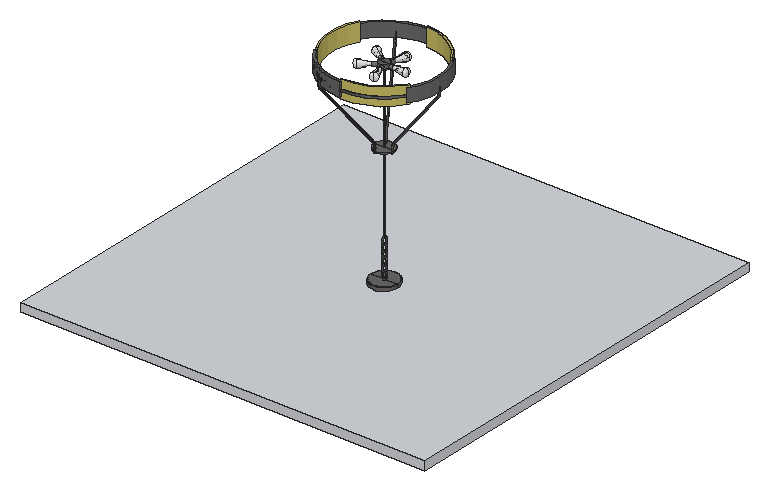
Revit family "P500330-031", category Lighting Fixtures, host Face, Revit 2021
Family settings
  Host = Face
  Round Connector Dimension = Use Diameter
  Part Type = Normal
  OmniClass Number = 23.80.70.11.14.17
  OmniClass Title = Direct/Indirect
  Cut with Voids When Loaded = No
  Light Source = No
  Shared = Yes
  Room Calculation Point = No
Parameters (values of type "P500330-031")
  Wood = Hubbell - Oak
  Height = 20.00"
  Watts = 60 W
  Wattage Comments = "60W"
  Warranty = "1 year Warranty"  # constant formula
  Voltage = 120 V
  URL = "https://www.hubbell.com/progresslighting/en"
  Product Link = "https://www.hubbell.com/progresslighting/en/Products/Lighting-Controls/Design-Series/Pendants/Lowery-Collection-Five-Light-Textured-BlackDistressed-Gold-Hanging-Pendant-Light/p/6643573"
  Product Documentation Link = "https://hubbellcdn.com/specsheet/PROG_P500330-031_spec.pdf"
  Power Factor = 1
  Model = "P500330-031"  # constant formula
  Manufacturer = "Progress Lighting"  # constant formula
  Load Classification = Lighting
  Length = 26.00"
  Gold = Hubbell - Gold
  Glass = Paint - Hubbell - White Texture
  Lamp = "LED/CFL/incandescent"  # constant formula
  Housing Material = Paint - Hubbell - Textured Camera Black
  Fixture distribution = "Direct"  # constant formula
  Features = "Application: Raise the bar on contemporary design with the Lowery Collection 5-Light Black/Distressed Gold Modern Hanging Pendant Light is ideal for any foyer, dining room, kitchen, breakfast nook, entryway, living room, or sitting room.\r\nStyles: Perfect for contemporary and modern style settings.\r\nFinish: Layered rectangular shields coated in a textured black iron finish are artistically combined with distressed gold leaf panels against a black frame.\r\nMaterials: Constructed from steel to ensure a long product lifespan.\r\nGlass/Shades: Light sources glowing from inside the structure cast a shimmering reflective light that highlights the beautiful contrast between light and dark.\r\nBulbs: For ideal illumination, use 5 medium base bulbs that are sold separately (60w max - LED/CFL/incandescent). Compatible with dimmable bulbs.\r\nDimensions: Measures 26-inch diameter by 20-inch height.\r\nCertifications: cULus dry location listed.\r\nPairs With: Pairs with the Adagio, Orrizo, and Rae collections from Progress Lighting.\r\nWarranty: Our 1-Year Limited Warranty guarantees your complete satisfaction with your purchase and includes professional after-sales customer service support."  # constant formula
  Description = "Lowery Collection Five-Light Textured Black/Distressed Gold Hanging Pendant Light"  # constant formula
  Default Elevation = 48.00"
  Copyright = " ©2021 Progress Lighting, a division of Hubbell Lighting, Inc"  # constant formula
  Contact = "https://www.hubbell.com/progresslighting/en/contactUs"
  Connector Description = "Lighting Connector"  # constant formula
  Assembly Code = "D5020200"
  Apparent Load = Watts / Power Factor  # 60 VA
Reference planes (in)
  plane 1 "Center (Front/Back)": y = 0
  plane 2: z = 0
  plane 3 "Center (Left/Right)": x = 0
  plane 4: z = 10.50759
  plane 5: y = -10
  plane 6: y = 10
  plane 7: z = 7
  plane 8: x = 13
  plane 9: x = -13
  plane 10: z = 48.82477
  plane 11: z = 28.82477
Forms (in)
  Extrusion 1, solid
    sketch origin (0, 0, 0) x (1, 0, 0) y (0, 1, 0)
      loop
        line (-48, 48) -> (-48, -48) -> (48, -48) -> (48, 48) -> (-48, 48)
    from 0 to -2
  Revolve 2, solid, material "Paint - Hubbell - White Texture"
    sketch origin (-5.10009, 0.01845, 46.6655) x (-0.017452, 0, -0.999848) y (-0.999848, 0, 0.017452)
      loop
        line (0, -7.43773) -> (0, -10.88567)
        spline (0, -10.88567) -> (0.23268, -10.84139) -> (0.40729, -10.80851) -> (0.53541, -10.78211) -> (0.62864, -10.75725) -> (0.69856, -10.72901) -> (0.75513, -10.69321) -> (0.80225, -10.64855) -> (0.84239, -10.59435) -> (0.87804, -10.5299) -> (0.90917, -10.45074) -> (0.93134, -10.3457) -> (0.93968, -10.20295)
        line (0.93968, -10.20295) -> (0.40218, -7.43773) -> (0, -7.43773)
      axis (0, -10.88567) -> (0, -7.43773)
    angle from 0 to 360
  Revolve 3, solid, material "Paint - Hubbell - White Texture" <- "Glass"
    sketch origin (-5.10009, 0.01845, 46.6655) x (-0.017452, 0, -0.999848) y (-0.999848, 0, 0.017452)
      loop
        line (0, -7.43773) -> (-0.14062, -7.43773) -> (-0.14062, -7.68773) -> (-0.3174, -7.86451) -> (-0.3174, -8.11451) -> (-0.0674, -8.11451) -> (-0.0674, -10.36451) -> (-0.0674, -10.55091)
        arc (-0.0674, -10.55091) -> (-0.07712, -10.57767) -> (-0.10174, -10.59197) r 0.04171
        arc (-0.10174, -10.59197) -> (-0.13207, -10.62395) -> (-0.11058, -10.66244) r 0.0372
        line (-0.11058, -10.66244) -> (0, -10.66244) -> (0, -10.56087) -> (0, -7.43773)
      axis (0, -7.43773) -> (0, -10.66244)
    angle from 0 to 360
  Revolve 4, solid, material "Hubbell - Gold" <- "Gold"
    sketch origin (-5.10009, 0.01845, 46.6655) x (-0.017452, 0, -0.999848) y (-0.999848, 0, 0.017452)
      loop
        line (-0.47346, -8.28115) -> (-0.51834, -8.28115) -> (-0.66547, -10.3852) -> (-0.62059, -10.3852) -> (-0.47346, -8.28115)
      axis (-0.62081, -10.38832) -> (-0.47346, -8.28115)
    angle from 0 to 360
  Revolve 5, solid, material "Hubbell - Gold" <- "Gold"
    sketch origin (-5.10009, 0.01845, 46.6655) x (0.017452, 0, 0.999848) y (0.999848, 0, -0.017452)
      loop
        line (-0.47346, 8.28115) -> (-0.62235, 10.41041) -> (-0.66723, 10.41041) -> (-0.51834, 8.28115) -> (-0.47346, 8.28115)
      axis (-0.62257, 10.41353) -> (-0.47346, 8.28115)
    angle from 0 to 360
  Sweep 6, solid, material "Paint - Hubbell - White Texture" <- "Glass"
    path origin (-5.60031, 0.01845, 46.65765) x (-0.017452, 0, -0.999848) y (-0.999848, 0, 0.017452)
      loop
        line (0.61067, -10.88516) -> (0.61067, -10.98257)
        arc (0.61067, -10.98257) -> (0.57513, -11.06837) -> (0.48933, -11.10391) r 0.12134
        line (0.48933, -11.10391) -> (0.04812, -11.10391)
    profile origin (5.32124, 0.01845, 45.85625) x (-0.017452, 0, -0.999848) y (0, 1, 0)
      loop
        circle (0, 0.00095) r 0.031
  Sweep 7, solid, material "Paint - Hubbell - White Texture" <- "Glass"
    path origin (-5.59973, 0.01845, 46.69079) x (0.017452, 0, 0.999848) y (0.999848, 0, -0.017452)
      loop
        line (0.61067, 10.88516) -> (0.61067, 10.98257)
        arc (0.61067, 10.98257) -> (0.57513, 11.06837) -> (0.48933, 11.10391) r 0.12134
        line (0.48933, 11.10391) -> (0.04812, 11.10391)
    profile origin (5.34313, 0.01845, 47.11055) x (-0.017452, 0, -0.999848) y (0, 1, 0)
      loop
        circle (0, 0.00095) r 0.031
  Sweep 8, solid, material "Paint - Hubbell - White Texture" <- "Glass"
    path origin (-5.60003, 0.03597, 46.67327) x (0, 1, 0) y (-0.999848, 0, 0.017452)
      loop
        line (0.61067, -10.88516) -> (0.61067, -10.98257)
        arc (0.61067, -10.98257) -> (0.57513, -11.06837) -> (0.48933, -11.10391) r 0.12134
        line (0.48933, -11.10391) -> (0.04812, -11.10391)
    profile origin (5.33217, 0.64664, 46.48245) x (0, 1, 0) y (0.017452, 0, 0.999848)
      loop
        circle (0, 0.00095) r 0.031
  Sweep 9, solid, material "Paint - Hubbell - White Texture" <- "Glass"
    path origin (-5.60003, 0.00283, 46.67327) x (0, -1, 0) y (0.999848, 0, -0.017452)
      loop
        line (0.61067, 10.88516) -> (0.61067, 10.98257)
        arc (0.61067, 10.98257) -> (0.57513, 11.06837) -> (0.48933, 11.10391) r 0.12134
        line (0.48933, 11.10391) -> (0.04812, 11.10391)
    profile origin (5.33217, -0.60784, 46.48245) x (0, 1, 0) y (0.017452, 0, 0.999848)
      loop
        circle (0, 0.00095) r 0.031
  Sweep 10, solid, material "Paint - Hubbell - White Texture" <- "Glass"
    path origin (14.13094, 0.01845, 46.31324) x (-0.017452, 0, -0.999848) y (-0.999848, 0, 0.017452)
      loop
        line (0.45442, 10.88516) -> (0.45442, 10.98257)
        arc (0.45442, 10.98257) -> (0.41888, 11.06837) -> (0.33308, 11.10391) r 0.12134
        line (0.33308, 11.10391) -> (0.04812, 11.10391)
    profile origin (3.19081, 0.01845, 46.04971) x (0.017452, 0, 0.999848) y (0, 1, 0)
      loop
        circle (0, 0.00095) r 0.031
  Sweep 11, solid, material "Paint - Hubbell - White Texture" <- "Glass"
    path origin (14.13152, 0.01845, 46.34638) x (0.017452, 0, 0.999848) y (0.999848, 0, -0.017452)
      loop
        line (0.45442, -10.88516) -> (0.45442, -10.98257)
        arc (0.45442, -10.98257) -> (0.41888, -11.06837) -> (0.33308, -11.10391) r 0.12134
        line (0.33308, -11.10391) -> (0.04812, -11.10391)
    profile origin (3.20725, 0.01845, 46.99156) x (0.017452, 0, 0.999848) y (0, 1, 0)
      loop
        circle (0, 0.00095) r 0.031
  Sweep 12, solid, material "Paint - Hubbell - White Texture" <- "Glass"
    path origin (14.13121, 0.03597, 46.32886) x (0, 1, 0) y (-0.999848, 0, 0.017452)
      loop
        line (0.45442, 10.88516) -> (0.45442, 10.98257)
        arc (0.45442, 10.98257) -> (0.41888, 11.06837) -> (0.33308, 11.10391) r 0.12134
        line (0.33308, 11.10391) -> (0.04812, 11.10391)
    profile origin (3.19901, 0.49039, 46.51969) x (0, -1, 0) y (0.017452, 0, 0.999848)
      loop
        circle (0, 0.00095) r 0.031
  Sweep 13, solid, material "Paint - Hubbell - White Texture" <- "Glass"
    path origin (14.13121, 0.00283, 46.32886) x (0, -1, 0) y (0.999848, 0, -0.017452)
      loop
        line (0.45442, -10.88516) -> (0.45442, -10.98257)
        arc (0.45442, -10.98257) -> (0.41888, -11.06837) -> (0.33308, -11.10391) r 0.12134
        line (0.33308, -11.10391) -> (0.04812, -11.10391)
    profile origin (3.19901, -0.45159, 46.51969) x (0, -1, 0) y (0.017452, 0, 0.999848)
      loop
        circle (0, 0.00095) r 0.031
  Revolve 14, solid, material "Hubbell - Gold" <- "Gold"
    sketch origin (-5.10013, 0.01648, 46.66352) x (0, 1, 0) y (-0.999848, 0, 0.017452)
      loop
        line (-0.47346, -8.28115) -> (-0.51834, -8.28115) -> (-0.66489, -10.37691) -> (-0.62001, -10.37691) -> (-0.47346, -8.28115)
      axis (-0.62023, -10.38004) -> (-0.47346, -8.28115)
    angle from 0 to 360
  Revolve 15, solid, material "Hubbell - Gold" <- "Gold"
    sketch origin (-5.10013, 0.01648, 46.66352) x (0, -1, 0) y (0.999848, 0, -0.017452)
      loop
        line (-0.47346, 8.28115) -> (-0.62235, 10.41041) -> (-0.66723, 10.41041) -> (-0.51834, 8.28115) -> (-0.47346, 8.28115)
      axis (-0.62257, 10.41353) -> (-0.47346, 8.28115)
    angle from 0 to 360
  Revolve 16, solid, material "Paint - Hubbell - Textured Camera Black" <- "Housing Material"
    sketch origin (0, 0, 0) x (1, 0, 0) y (0, 0, 1)
      loop
        line (0, 0) -> (3.25, 0) -> (3.25, 0.75) -> (3.15389, 0.75) -> (3.15389, 0.83366) -> (0.3208, 0.83366) -> (0.3208, 1.08366) -> (0, 1.08366) -> (0, 0)
      loop
        line (0.1333, 9.7335) -> (0.1333, 28.71881) -> (2.3833, 28.71881) -> (2.3833, 28.86881) -> (0.1333, 28.86881) -> (0.1333, 30.5) -> (0.1333, 46.04564) -> (1.27958, 46.04564) -> (1.34959, 46.04564) -> (1.34959, 46.1435) -> (1.27958, 46.1435) -> (1.27958, 47) -> (0.1333, 47) -> (0, 47) -> (0, 9.7335) -> (0.1333, 9.7335)
      axis (0, 47) -> (0, 0)
    angle from 0 to 360
  Sweep 17, solid, material "Paint - Hubbell - Textured Camera Black" <- "Housing Material"
    path origin (0, 0, 0) x (1, 0, 0) y (0, 0, 1)
      loop
        line (13, 47) -> (13, 44.68041)
        arc (13, 44.68041) -> (12.9319, 44.27345) -> (12.73501, 43.91083) r 1.25
        line (12.73501, 43.91083) -> (2.48143, 30.78684)
        arc (2.48143, 30.78684) -> (2.06287, 30.01596) -> (1.91809, 29.1508) r 2.65736
        line (1.91809, 29.1508) -> (1.91809, 28.1508)
    profile origin (13, 0, 45.8402) x (0, -1, 0) y (1, 0, 0)
      loop
        circle (0, 0) r 0.15
  Sweep 18, solid, material "Paint - Hubbell - Textured Camera Black" <- "Housing Material"
    path origin (0, 0, 0) x (-0.5, -0.866025, 0) y (0, 0, 1)
      loop
        line (13, 47) -> (13, 44.68041)
        arc (13, 44.68041) -> (12.9319, 44.27345) -> (12.73501, 43.91083) r 1.25
        line (12.73501, 43.91083) -> (2.48143, 30.78684)
        arc (2.48143, 30.78684) -> (2.06287, 30.01596) -> (1.91809, 29.1508) r 2.65736
        line (1.91809, 29.1508) -> (1.91809, 28.1508)
    profile origin (-6.5, -11.25833, 45.8402) x (-0.866025, 0.5, 0) y (-0.5, -0.866025, 0)
      loop
        circle (0, 0) r 0.15
  Sweep 19, solid, material "Paint - Hubbell - Textured Camera Black" <- "Housing Material"
    path origin (0, 0, 0) x (-0.5, 0.866025, 0) y (0, 0, 1)
      loop
        line (13, 47) -> (13, 44.68041)
        arc (13, 44.68041) -> (12.9319, 44.27345) -> (12.73501, 43.91083) r 1.25
        line (12.73501, 43.91083) -> (2.48143, 30.78684)
        arc (2.48143, 30.78684) -> (2.06287, 30.01596) -> (1.91809, 29.1508) r 2.65736
        line (1.91809, 29.1508) -> (1.91809, 28.1508)
    profile origin (-6.5, 11.25833, 45.8402) x (0.866025, 0.5, 0) y (-0.5, 0.866025, 0)
      loop
        circle (0, 0) r 0.15
  Revolve 20, solid, material "Hubbell - Galvanized"
    sketch origin (0, 0, 0) x (1, 0, 0) y (0, 0, 1)
      loop
        line (1.22826, 46.5252) -> (1.22826, 46.13457) -> (2.35245, 46.13457) -> (2.35245, 46.5252) -> (1.22826, 46.5252)
      axis (1.22826, 46.5252) -> (2.35245, 46.5252)
    angle from 0 to 360
  Revolve 21, solid, material "Paint - Hubbell - White Texture"
    sketch origin (-1.55847, 4.85618, 46.6655) x (-0.005393, 0.016598, -0.999848) y (-0.30897, 0.950912, 0.017452)
      loop
        line (0, -7.43773) -> (0, -10.88567)
        spline (0, -10.88567) -> (0.23268, -10.84139) -> (0.40729, -10.80851) -> (0.53541, -10.78211) -> (0.62864, -10.75725) -> (0.69856, -10.72901) -> (0.75513, -10.69321) -> (0.80225, -10.64855) -> (0.84239, -10.59435) -> (0.87804, -10.5299) -> (0.90917, -10.45074) -> (0.93134, -10.3457) -> (0.93968, -10.20295)
        line (0.93968, -10.20295) -> (0.40218, -7.43773) -> (0, -7.43773)
      axis (0, -10.88567) -> (0, -7.43773)
    angle from 0 to 360
  Revolve 22, solid, material "Paint - Hubbell - White Texture" <- "Glass"
    sketch origin (-1.55847, 4.85618, 46.6655) x (-0.005393, 0.016598, -0.999848) y (-0.30897, 0.950912, 0.017452)
      loop
        line (0, -7.43773) -> (-0.14062, -7.43773) -> (-0.14062, -7.68773) -> (-0.3174, -7.86451) -> (-0.3174, -8.11451) -> (-0.0674, -8.11451) -> (-0.0674, -10.36451) -> (-0.0674, -10.55091)
        arc (-0.0674, -10.55091) -> (-0.07712, -10.57767) -> (-0.10174, -10.59197) r 0.04171
        arc (-0.10174, -10.59197) -> (-0.13207, -10.62395) -> (-0.11058, -10.66244) r 0.0372
        line (-0.11058, -10.66244) -> (0, -10.66244) -> (0, -10.56087) -> (0, -7.43773)
      axis (0, -7.43773) -> (0, -10.66244)
    angle from 0 to 360
  Revolve 23, solid, material "Hubbell - Gold" <- "Gold"
    sketch origin (-1.55847, 4.85618, 46.6655) x (-0.005393, 0.016598, -0.999848) y (-0.30897, 0.950912, 0.017452)
      loop
        line (-0.47346, -8.28115) -> (-0.51834, -8.28115) -> (-0.66547, -10.3852) -> (-0.62059, -10.3852) -> (-0.47346, -8.28115)
      axis (-0.62081, -10.38832) -> (-0.47346, -8.28115)
    angle from 0 to 360
  Revolve 24, solid, material "Hubbell - Gold" <- "Gold"
    sketch origin (-1.55847, 4.85618, 46.6655) x (0.005393, -0.016598, 0.999848) y (0.30897, -0.950912, -0.017452)
      loop
        line (-0.47346, 8.28115) -> (-0.62235, 10.41041) -> (-0.66723, 10.41041) -> (-0.51834, 8.28115) -> (-0.47346, 8.28115)
      axis (-0.62257, 10.41353) -> (-0.47346, 8.28115)
    angle from 0 to 360
  Sweep 25, solid, material "Paint - Hubbell - White Texture" <- "Glass"
    path origin (-1.71304, 5.33191, 46.65765) x (-0.005393, 0.016598, -0.999848) y (-0.30897, 0.950912, 0.017452)
      loop
        line (0.61067, -10.88516) -> (0.61067, -10.98257)
        arc (0.61067, -10.98257) -> (0.57513, -11.06837) -> (0.48933, -11.10391) r 0.12134
        line (0.48933, -11.10391) -> (0.04812, -11.10391)
    profile origin (1.6619, -5.05509, 45.85625) x (-0.005393, 0.016598, -0.999848) y (0.951057, 0.309017, 0)
      loop
        circle (0, 0.00095) r 0.031
  Sweep 26, solid, material "Paint - Hubbell - White Texture" <- "Glass"
    path origin (-1.71286, 5.33136, 46.69079) x (0.005393, -0.016598, 0.999848) y (0.30897, -0.950912, -0.017452)
      loop
        line (0.61067, 10.88516) -> (0.61067, 10.98257)
        arc (0.61067, 10.98257) -> (0.57513, 11.06837) -> (0.48933, 11.10391) r 0.12134
        line (0.48933, 11.10391) -> (0.04812, 11.10391)
    profile origin (1.66867, -5.07592, 47.11055) x (-0.005393, 0.016598, -0.999848) y (0.951057, 0.309017, 0)
      loop
        circle (0, 0.00095) r 0.031
  Sweep 27, solid, material "Paint - Hubbell - White Texture" <- "Glass"
    path origin (-1.69629, 5.33707, 46.67327) x (0.951057, 0.309017, 0) y (-0.30897, 0.950912, 0.017452)
      loop
        line (0.61067, -10.88516) -> (0.61067, -10.98257)
        arc (0.61067, -10.98257) -> (0.57513, -11.06837) -> (0.48933, -11.10391) r 0.12134
        line (0.48933, -11.10391) -> (0.04812, -11.10391)
    profile origin (2.26273, -4.87137, 46.48245) x (0.951057, 0.309017, 0) y (0.005393, -0.016598, 0.999848)
      loop
        circle (0, 0.00095) r 0.031
  Sweep 28, solid, material "Paint - Hubbell - White Texture" <- "Glass"
    path origin (-1.72782, 5.32682, 46.67327) x (-0.951057, -0.309017, 0) y (0.30897, -0.950912, -0.017452)
      loop
        line (0.61067, 10.88516) -> (0.61067, 10.98257)
        arc (0.61067, 10.98257) -> (0.57513, 11.06837) -> (0.48933, 11.10391) r 0.12134
        line (0.48933, 11.10391) -> (0.04812, 11.10391)
    profile origin (1.06964, -5.25903, 46.48245) x (0.951057, 0.309017, 0) y (0.005393, -0.016598, 0.999848)
      loop
        circle (0, 0.00095) r 0.031
  Sweep 29, solid, material "Paint - Hubbell - White Texture" <- "Glass"
    path origin (4.38425, -13.43362, 46.31324) x (-0.005393, 0.016598, -0.999848) y (-0.30897, 0.950912, 0.017452)
      loop
        line (0.45442, 10.88516) -> (0.45442, 10.98257)
        arc (0.45442, 10.98257) -> (0.41888, 11.06837) -> (0.33308, 11.10391) r 0.12134
        line (0.33308, 11.10391) -> (0.04812, 11.10391)
    profile origin (1.00356, -3.02894, 46.04971) x (0.005393, -0.016598, 0.999848) y (0.951057, 0.309017, 0)
      loop
        circle (0, 0.00095) r 0.031
  Sweep 30, solid, material "Paint - Hubbell - White Texture" <- "Glass"
    path origin (4.38443, -13.43417, 46.34638) x (0.005393, -0.016598, 0.999848) y (0.30897, -0.950912, -0.017452)
      loop
        line (0.45442, -10.88516) -> (0.45442, -10.98257)
        arc (0.45442, -10.98257) -> (0.41888, -11.06837) -> (0.33308, -11.10391) r 0.12134
        line (0.33308, -11.10391) -> (0.04812, -11.10391)
    profile origin (1.00864, -3.04457, 46.99156) x (0.005393, -0.016598, 0.999848) y (0.951057, 0.309017, 0)
      loop
        circle (0, 0.00095) r 0.031
  Sweep 31, solid, material "Paint - Hubbell - White Texture" <- "Glass"
    path origin (4.401, -13.42847, 46.32886) x (0.951057, 0.309017, 0) y (-0.30897, 0.950912, 0.017452)
      loop
        line (0.45442, 10.88516) -> (0.45442, 10.98257)
        arc (0.45442, 10.98257) -> (0.41888, 11.06837) -> (0.33308, 11.10391) r 0.12134
        line (0.33308, 11.10391) -> (0.04812, 11.10391)
    profile origin (1.45494, -2.8909, 46.51969) x (-0.951057, -0.309017, 0) y (0.005393, -0.016598, 0.999848)
      loop
        circle (0, 0.00095) r 0.031
  Sweep 32, solid, material "Paint - Hubbell - White Texture" <- "Glass"
    path origin (4.36948, -13.43871, 46.32886) x (-0.951057, -0.309017, 0) y (0.30897, -0.950912, -0.017452)
      loop
        line (0.45442, -10.88516) -> (0.45442, -10.98257)
        arc (0.45442, -10.98257) -> (0.41888, -11.06837) -> (0.33308, -11.10391) r 0.12134
        line (0.33308, -11.10391) -> (0.04812, -11.10391)
    profile origin (0.55906, -3.18199, 46.51969) x (-0.951057, -0.309017, 0) y (0.005393, -0.016598, 0.999848)
      loop
        circle (0, 0.00095) r 0.031
  Revolve 33, solid, material "Hubbell - Gold" <- "Gold"
    sketch origin (-1.56035, 4.8556, 46.66352) x (0.951057, 0.309017, 0) y (-0.30897, 0.950912, 0.017452)
      loop
        line (-0.47346, -8.28115) -> (-0.51834, -8.28115) -> (-0.66489, -10.37691) -> (-0.62001, -10.37691) -> (-0.47346, -8.28115)
      axis (-0.62023, -10.38004) -> (-0.47346, -8.28115)
    angle from 0 to 360
  Revolve 34, solid, material "Hubbell - Gold" <- "Gold"
    sketch origin (-1.56035, 4.8556, 46.66352) x (-0.951057, -0.309017, 0) y (0.30897, -0.950912, -0.017452)
      loop
        line (-0.47346, 8.28115) -> (-0.62235, 10.41041) -> (-0.66723, 10.41041) -> (-0.51834, 8.28115) -> (-0.47346, 8.28115)
      axis (-0.62257, 10.41353) -> (-0.47346, 8.28115)
    angle from 0 to 360
  Revolve 35, solid, material "Hubbell - Galvanized"
    sketch origin (0, 0, 0) x (0.309017, -0.951057, 0) y (0, 0, 1)
      loop
        line (1.22826, 46.5252) -> (1.22826, 46.13457) -> (2.35245, 46.13457) -> (2.35245, 46.5252) -> (1.22826, 46.5252)
      axis (1.22826, 46.5252) -> (2.35245, 46.5252)
    angle from 0 to 360
  Revolve 36, solid, material "Paint - Hubbell - White Texture"
    sketch origin (4.13691, 2.98283, 46.6655) x (0.014119, 0.010258, -0.999848) y (0.808894, 0.587696, 0.017452)
      loop
        line (0, -7.43773) -> (0, -10.88567)
        spline (0, -10.88567) -> (0.23268, -10.84139) -> (0.40729, -10.80851) -> (0.53541, -10.78211) -> (0.62864, -10.75725) -> (0.69856, -10.72901) -> (0.75513, -10.69321) -> (0.80225, -10.64855) -> (0.84239, -10.59435) -> (0.87804, -10.5299) -> (0.90917, -10.45074) -> (0.93134, -10.3457) -> (0.93968, -10.20295)
        line (0.93968, -10.20295) -> (0.40218, -7.43773) -> (0, -7.43773)
      axis (0, -10.88567) -> (0, -7.43773)
    angle from 0 to 360
  Revolve 37, solid, material "Paint - Hubbell - White Texture" <- "Glass"
    sketch origin (4.13691, 2.98283, 46.6655) x (0.014119, 0.010258, -0.999848) y (0.808894, 0.587696, 0.017452)
      loop
        line (0, -7.43773) -> (-0.14062, -7.43773) -> (-0.14062, -7.68773) -> (-0.3174, -7.86451) -> (-0.3174, -8.11451) -> (-0.0674, -8.11451) -> (-0.0674, -10.36451) -> (-0.0674, -10.55091)
        arc (-0.0674, -10.55091) -> (-0.07712, -10.57767) -> (-0.10174, -10.59197) r 0.04171
        arc (-0.10174, -10.59197) -> (-0.13207, -10.62395) -> (-0.11058, -10.66244) r 0.0372
        line (-0.11058, -10.66244) -> (0, -10.66244) -> (0, -10.56087) -> (0, -7.43773)
      axis (0, -7.43773) -> (0, -10.66244)
    angle from 0 to 360
  Revolve 38, solid, material "Hubbell - Gold" <- "Gold"
    sketch origin (4.13691, 2.98283, 46.6655) x (0.014119, 0.010258, -0.999848) y (0.808894, 0.587696, 0.017452)
      loop
        line (-0.47346, -8.28115) -> (-0.51834, -8.28115) -> (-0.66547, -10.3852) -> (-0.62059, -10.3852) -> (-0.47346, -8.28115)
      axis (-0.62081, -10.38832) -> (-0.47346, -8.28115)
    angle from 0 to 360
  Revolve 39, solid, material "Hubbell - Gold" <- "Gold"
    sketch origin (4.13691, 2.98283, 46.6655) x (-0.014119, -0.010258, 0.999848) y (-0.808894, -0.587696, -0.017452)
      loop
        line (-0.47346, 8.28115) -> (-0.62235, 10.41041) -> (-0.66723, 10.41041) -> (-0.51834, 8.28115) -> (-0.47346, 8.28115)
      axis (-0.62257, 10.41353) -> (-0.47346, 8.28115)
    angle from 0 to 360
  Sweep 40, solid, material "Paint - Hubbell - White Texture" <- "Glass"
    path origin (4.54159, 3.27685, 46.65765) x (0.014119, 0.010258, -0.999848) y (0.808894, 0.587696, 0.017452)
      loop
        line (0.61067, -10.88516) -> (0.61067, -10.98257)
        arc (0.61067, -10.98257) -> (0.57513, -11.06837) -> (0.48933, -11.10391) r 0.12134
        line (0.48933, -11.10391) -> (0.04812, -11.10391)
    profile origin (-4.29412, -3.14267, 45.85625) x (0.014119, 0.010258, -0.999848) y (0.587785, -0.809017, 0)
      loop
        circle (0, 0.00095) r 0.031
  Sweep 41, solid, material "Paint - Hubbell - White Texture" <- "Glass"
    path origin (4.54112, 3.27651, 46.69079) x (-0.014119, -0.010258, 0.999848) y (-0.808894, -0.587696, -0.017452)
      loop
        line (0.61067, 10.88516) -> (0.61067, 10.98257)
        arc (0.61067, 10.98257) -> (0.57513, 11.06837) -> (0.48933, 11.10391) r 0.12134
        line (0.48933, 11.10391) -> (0.04812, 11.10391)
    profile origin (-4.31184, -3.15554, 47.11055) x (0.014119, 0.010258, -0.999848) y (0.587785, -0.809017, 0)
      loop
        circle (0, 0.00095) r 0.031
  Sweep 42, solid, material "Paint - Hubbell - White Texture" <- "Glass"
    path origin (4.55167, 3.26251, 46.67327) x (0.587785, -0.809017, 0) y (0.808894, 0.587696, 0.017452)
      loop
        line (0.61067, -10.88516) -> (0.61067, -10.98257)
        arc (0.61067, -10.98257) -> (0.57513, -11.06837) -> (0.48933, -11.10391) r 0.12134
        line (0.48933, -11.10391) -> (0.04812, -11.10391)
    profile origin (-3.93373, -3.65732, 46.48245) x (0.587785, -0.809017, 0) y (-0.014119, -0.010258, 0.999848)
      loop
        circle (0, 0.00095) r 0.031
  Sweep 43, solid, material "Paint - Hubbell - White Texture" <- "Glass"
    path origin (4.53219, 3.28933, 46.67327) x (-0.587785, 0.809017, 0) y (-0.808894, -0.587696, -0.017452)
      loop
        line (0.61067, 10.88516) -> (0.61067, 10.98257)
        arc (0.61067, 10.98257) -> (0.57513, 11.06837) -> (0.48933, 11.10391) r 0.12134
        line (0.48933, 11.10391) -> (0.04812, 11.10391)
    profile origin (-4.67109, -2.64241, 46.48245) x (0.587785, -0.809017, 0) y (-0.014119, -0.010258, 0.999848)
      loop
        circle (0, 0.00095) r 0.031
  Sweep 44, solid, material "Paint - Hubbell - White Texture" <- "Glass"
    path origin (-11.42132, -8.32089, 46.31324) x (0.014119, 0.010258, -0.999848) y (0.808894, 0.587696, 0.017452)
      loop
        line (0.45442, 10.88516) -> (0.45442, 10.98257)
        arc (0.45442, 10.98257) -> (0.41888, 11.06837) -> (0.33308, 11.10391) r 0.12134
        line (0.33308, 11.10391) -> (0.04812, 11.10391)
    profile origin (-2.57057, -1.89044, 46.04971) x (-0.014119, -0.010258, 0.999848) y (0.587785, -0.809017, 0)
      loop
        circle (0, 0.00095) r 0.031
  Sweep 45, solid, material "Paint - Hubbell - White Texture" <- "Glass"
    path origin (-11.42179, -8.32123, 46.34638) x (-0.014119, -0.010258, 0.999848) y (-0.808894, -0.587696, -0.017452)
      loop
        line (0.45442, -10.88516) -> (0.45442, -10.98257)
        arc (0.45442, -10.98257) -> (0.41888, -11.06837) -> (0.33308, -11.10391) r 0.12134
        line (0.33308, -11.10391) -> (0.04812, -11.10391)
    profile origin (-2.58387, -1.9001, 46.99156) x (-0.014119, -0.010258, 0.999848) y (0.587785, -0.809017, 0)
      loop
        circle (0, 0.00095) r 0.031
  Sweep 46, solid, material "Paint - Hubbell - White Texture" <- "Glass"
    path origin (-11.41125, -8.33522, 46.32886) x (0.587785, -0.809017, 0) y (0.808894, 0.587696, 0.017452)
      loop
        line (0.45442, 10.88516) -> (0.45442, 10.98257)
        arc (0.45442, 10.98257) -> (0.41888, 11.06837) -> (0.33308, 11.10391) r 0.12134
        line (0.33308, 11.10391) -> (0.04812, 11.10391)
    profile origin (-2.29981, -2.27707, 46.51969) x (-0.587785, 0.809017, 0) y (-0.014119, -0.010258, 0.999848)
      loop
        circle (0, 0.00095) r 0.031
  Sweep 47, solid, material "Paint - Hubbell - White Texture" <- "Glass"
    path origin (-11.43073, -8.30841, 46.32886) x (-0.587785, 0.809017, 0) y (-0.808894, -0.587696, -0.017452)
      loop
        line (0.45442, -10.88516) -> (0.45442, -10.98257)
        arc (0.45442, -10.98257) -> (0.41888, -11.06837) -> (0.33308, -11.10391) r 0.12134
        line (0.33308, -11.10391) -> (0.04812, -11.10391)
    profile origin (-2.85349, -1.51499, 46.51969) x (-0.587785, 0.809017, 0) y (-0.014119, -0.010258, 0.999848)
      loop
        circle (0, 0.00095) r 0.031
  Revolve 48, solid, material "Hubbell - Gold" <- "Gold"
    sketch origin (4.13578, 2.98445, 46.66352) x (0.587785, -0.809017, 0) y (0.808894, 0.587696, 0.017452)
      loop
        line (-0.47346, -8.28115) -> (-0.51834, -8.28115) -> (-0.66489, -10.37691) -> (-0.62001, -10.37691) -> (-0.47346, -8.28115)
      axis (-0.62023, -10.38004) -> (-0.47346, -8.28115)
    angle from 0 to 360
  Revolve 49, solid, material "Hubbell - Gold" <- "Gold"
    sketch origin (4.13578, 2.98445, 46.66352) x (-0.587785, 0.809017, 0) y (-0.808894, -0.587696, -0.017452)
      loop
        line (-0.47346, 8.28115) -> (-0.62235, 10.41041) -> (-0.66723, 10.41041) -> (-0.51834, 8.28115) -> (-0.47346, 8.28115)
      axis (-0.62257, 10.41353) -> (-0.47346, 8.28115)
    angle from 0 to 360
  Revolve 50, solid, material "Hubbell - Galvanized"
    sketch origin (0, 0, 0) x (-0.809017, -0.587785, 0) y (0, 0, 1)
      loop
        line (1.22826, 46.5252) -> (1.22826, 46.13457) -> (2.35245, 46.13457) -> (2.35245, 46.5252) -> (1.22826, 46.5252)
      axis (1.22826, 46.5252) -> (2.35245, 46.5252)
    angle from 0 to 360
  Revolve 51, solid, material "Paint - Hubbell - White Texture"
    sketch origin (4.11522, -3.01269, 46.6655) x (0.014119, -0.010258, -0.999848) y (0.808894, -0.587696, 0.017452)
      loop
        line (0, -7.43773) -> (0, -10.88567)
        spline (0, -10.88567) -> (0.23268, -10.84139) -> (0.40729, -10.80851) -> (0.53541, -10.78211) -> (0.62864, -10.75725) -> (0.69856, -10.72901) -> (0.75513, -10.69321) -> (0.80225, -10.64855) -> (0.84239, -10.59435) -> (0.87804, -10.5299) -> (0.90917, -10.45074) -> (0.93134, -10.3457) -> (0.93968, -10.20295)
        line (0.93968, -10.20295) -> (0.40218, -7.43773) -> (0, -7.43773)
      axis (0, -10.88567) -> (0, -7.43773)
    angle from 0 to 360
  Revolve 52, solid, material "Paint - Hubbell - White Texture" <- "Glass"
    sketch origin (4.11522, -3.01269, 46.6655) x (0.014119, -0.010258, -0.999848) y (0.808894, -0.587696, 0.017452)
      loop
        line (0, -7.43773) -> (-0.14062, -7.43773) -> (-0.14062, -7.68773) -> (-0.3174, -7.86451) -> (-0.3174, -8.11451) -> (-0.0674, -8.11451) -> (-0.0674, -10.36451) -> (-0.0674, -10.55091)
        arc (-0.0674, -10.55091) -> (-0.07712, -10.57767) -> (-0.10174, -10.59197) r 0.04171
        arc (-0.10174, -10.59197) -> (-0.13207, -10.62395) -> (-0.11058, -10.66244) r 0.0372
        line (-0.11058, -10.66244) -> (0, -10.66244) -> (0, -10.56087) -> (0, -7.43773)
      axis (0, -7.43773) -> (0, -10.66244)
    angle from 0 to 360
  Revolve 53, solid, material "Hubbell - Gold" <- "Gold"
    sketch origin (4.11522, -3.01269, 46.6655) x (0.014119, -0.010258, -0.999848) y (0.808894, -0.587696, 0.017452)
      loop
        line (-0.47346, -8.28115) -> (-0.51834, -8.28115) -> (-0.66547, -10.3852) -> (-0.62059, -10.3852) -> (-0.47346, -8.28115)
      axis (-0.62081, -10.38832) -> (-0.47346, -8.28115)
    angle from 0 to 360
  Revolve 54, solid, material "Hubbell - Gold" <- "Gold"
    sketch origin (4.11522, -3.01269, 46.6655) x (-0.014119, 0.010258, 0.999848) y (-0.808894, 0.587696, -0.017452)
      loop
        line (-0.47346, 8.28115) -> (-0.62235, 10.41041) -> (-0.66723, 10.41041) -> (-0.51834, 8.28115) -> (-0.47346, 8.28115)
      axis (-0.62257, 10.41353) -> (-0.47346, 8.28115)
    angle from 0 to 360
  Sweep 55, solid, material "Paint - Hubbell - White Texture" <- "Glass"
    path origin (4.5199, -3.30671, 46.65765) x (0.014119, -0.010258, -0.999848) y (0.808894, -0.587696, 0.017452)
      loop
        line (0.61067, -10.88516) -> (0.61067, -10.98257)
        arc (0.61067, -10.98257) -> (0.57513, -11.06837) -> (0.48933, -11.10391) r 0.12134
        line (0.48933, -11.10391) -> (0.04812, -11.10391)
    profile origin (-4.31582, 3.11281, 45.85625) x (0.014119, -0.010258, -0.999848) y (-0.587785, -0.809017, 0)
      loop
        circle (0, 0.00095) r 0.031
  Sweep 56, solid, material "Paint - Hubbell - White Texture" <- "Glass"
    path origin (4.51943, -3.30637, 46.69079) x (-0.014119, 0.010258, 0.999848) y (-0.808894, 0.587696, -0.017452)
      loop
        line (0.61067, 10.88516) -> (0.61067, 10.98257)
        arc (0.61067, 10.98257) -> (0.57513, 11.06837) -> (0.48933, 11.10391) r 0.12134
        line (0.48933, 11.10391) -> (0.04812, 11.10391)
    profile origin (-4.33353, 3.12568, 47.11055) x (0.014119, -0.010258, -0.999848) y (-0.587785, -0.809017, 0)
      loop
        circle (0, 0.00095) r 0.031
  Sweep 57, solid, material "Paint - Hubbell - White Texture" <- "Glass"
    path origin (4.50938, -3.32072, 46.67327) x (-0.587785, -0.809017, 0) y (0.808894, -0.587696, 0.017452)
      loop
        line (0.61067, -10.88516) -> (0.61067, -10.98257)
        arc (0.61067, -10.98257) -> (0.57513, -11.06837) -> (0.48933, -11.10391) r 0.12134
        line (0.48933, -11.10391) -> (0.04812, -11.10391)
    profile origin (-4.6939, 2.61102, 46.48245) x (-0.587785, -0.809017, 0) y (-0.014119, 0.010258, 0.999848)
      loop
        circle (0, 0.00095) r 0.031
  Sweep 58, solid, material "Paint - Hubbell - White Texture" <- "Glass"
    path origin (4.52886, -3.29391, 46.67327) x (0.587785, 0.809017, 0) y (-0.808894, 0.587696, -0.017452)
      loop
        line (0.61067, 10.88516) -> (0.61067, 10.98257)
        arc (0.61067, 10.98257) -> (0.57513, 11.06837) -> (0.48933, 11.10391) r 0.12134
        line (0.48933, 11.10391) -> (0.04812, 11.10391)
    profile origin (-3.95653, 3.62592, 46.48245) x (-0.587785, -0.809017, 0) y (-0.014119, 0.010258, 0.999848)
      loop
        circle (0, 0.00095) r 0.031
  Sweep 59, solid, material "Paint - Hubbell - White Texture" <- "Glass"
    path origin (-11.44302, 8.29103, 46.31324) x (0.014119, -0.010258, -0.999848) y (0.808894, -0.587696, 0.017452)
      loop
        line (0.45442, 10.88516) -> (0.45442, 10.98257)
        arc (0.45442, 10.98257) -> (0.41888, 11.06837) -> (0.33308, 11.10391) r 0.12134
        line (0.33308, 11.10391) -> (0.04812, 11.10391)
    profile origin (-2.59227, 1.86058, 46.04971) x (-0.014119, 0.010258, 0.999848) y (-0.587785, -0.809017, 0)
      loop
        circle (0, 0.00095) r 0.031
  Sweep 60, solid, material "Paint - Hubbell - White Texture" <- "Glass"
    path origin (-11.44349, 8.29137, 46.34638) x (-0.014119, 0.010258, 0.999848) y (-0.808894, 0.587696, -0.017452)
      loop
        line (0.45442, -10.88516) -> (0.45442, -10.98257)
        arc (0.45442, -10.98257) -> (0.41888, -11.06837) -> (0.33308, -11.10391) r 0.12134
        line (0.33308, -11.10391) -> (0.04812, -11.10391)
    profile origin (-2.60557, 1.87024, 46.99156) x (-0.014119, 0.010258, 0.999848) y (-0.587785, -0.809017, 0)
      loop
        circle (0, 0.00095) r 0.031
  Sweep 61, solid, material "Paint - Hubbell - White Texture" <- "Glass"
    path origin (-11.45354, 8.27702, 46.32886) x (-0.587785, -0.809017, 0) y (0.808894, -0.587696, 0.017452)
      loop
        line (0.45442, 10.88516) -> (0.45442, 10.98257)
        arc (0.45442, 10.98257) -> (0.41888, 11.06837) -> (0.33308, 11.10391) r 0.12134
        line (0.33308, 11.10391) -> (0.04812, 11.10391)
    profile origin (-2.8763, 1.48359, 46.51969) x (0.587785, 0.809017, 0) y (-0.014119, 0.010258, 0.999848)
      loop
        circle (0, 0.00095) r 0.031
  Sweep 62, solid, material "Paint - Hubbell - White Texture" <- "Glass"
    path origin (-11.43405, 8.30383, 46.32886) x (0.587785, 0.809017, 0) y (-0.808894, 0.587696, -0.017452)
      loop
        line (0.45442, -10.88516) -> (0.45442, -10.98257)
        arc (0.45442, -10.98257) -> (0.41888, -11.06837) -> (0.33308, -11.10391) r 0.12134
        line (0.33308, -11.10391) -> (0.04812, -11.10391)
    profile origin (-2.32262, 2.24568, 46.51969) x (0.587785, 0.809017, 0) y (-0.014119, 0.010258, 0.999848)
      loop
        circle (0, 0.00095) r 0.031
  Revolve 63, solid, material "Hubbell - Gold" <- "Gold"
    sketch origin (4.1164, -3.01111, 46.66352) x (-0.587785, -0.809017, 0) y (0.808894, -0.587696, 0.017452)
      loop
        line (-0.47346, -8.28115) -> (-0.51834, -8.28115) -> (-0.66489, -10.37691) -> (-0.62001, -10.37691) -> (-0.47346, -8.28115)
      axis (-0.62023, -10.38004) -> (-0.47346, -8.28115)
    angle from 0 to 360
  Revolve 64, solid, material "Hubbell - Gold" <- "Gold"
    sketch origin (4.1164, -3.01111, 46.66352) x (0.587785, 0.809017, 0) y (-0.808894, 0.587696, -0.017452)
      loop
        line (-0.47346, 8.28115) -> (-0.62235, 10.41041) -> (-0.66723, 10.41041) -> (-0.51834, 8.28115) -> (-0.47346, 8.28115)
      axis (-0.62257, 10.41353) -> (-0.47346, 8.28115)
    angle from 0 to 360
  Revolve 65, solid, material "Hubbell - Galvanized"
    sketch origin (0, 0, 0) x (-0.809017, 0.587785, 0) y (0, 0, 1)
      loop
        line (1.22826, 46.5252) -> (1.22826, 46.13457) -> (2.35245, 46.13457) -> (2.35245, 46.5252) -> (1.22826, 46.5252)
      axis (1.22826, 46.5252) -> (2.35245, 46.5252)
    angle from 0 to 360
  Revolve 66, solid, material "Paint - Hubbell - White Texture"
    sketch origin (-1.59357, -4.84478, 46.6655) x (-0.005393, -0.016598, -0.999848) y (-0.30897, -0.950912, 0.017452)
      loop
        line (0, -7.43773) -> (0, -10.88567)
        spline (0, -10.88567) -> (0.23268, -10.84139) -> (0.40729, -10.80851) -> (0.53541, -10.78211) -> (0.62864, -10.75725) -> (0.69856, -10.72901) -> (0.75513, -10.69321) -> (0.80225, -10.64855) -> (0.84239, -10.59435) -> (0.87804, -10.5299) -> (0.90917, -10.45074) -> (0.93134, -10.3457) -> (0.93968, -10.20295)
        line (0.93968, -10.20295) -> (0.40218, -7.43773) -> (0, -7.43773)
      axis (0, -10.88567) -> (0, -7.43773)
    angle from 0 to 360
  Revolve 67, solid, material "Paint - Hubbell - White Texture" <- "Glass"
    sketch origin (-1.59357, -4.84478, 46.6655) x (-0.005393, -0.016598, -0.999848) y (-0.30897, -0.950912, 0.017452)
      loop
        line (0, -7.43773) -> (-0.14062, -7.43773) -> (-0.14062, -7.68773) -> (-0.3174, -7.86451) -> (-0.3174, -8.11451) -> (-0.0674, -8.11451) -> (-0.0674, -10.36451) -> (-0.0674, -10.55091)
        arc (-0.0674, -10.55091) -> (-0.07712, -10.57767) -> (-0.10174, -10.59197) r 0.04171
        arc (-0.10174, -10.59197) -> (-0.13207, -10.62395) -> (-0.11058, -10.66244) r 0.0372
        line (-0.11058, -10.66244) -> (0, -10.66244) -> (0, -10.56087) -> (0, -7.43773)
      axis (0, -7.43773) -> (0, -10.66244)
    angle from 0 to 360
  Revolve 68, solid, material "Hubbell - Gold" <- "Gold"
    sketch origin (-1.59357, -4.84478, 46.6655) x (-0.005393, -0.016598, -0.999848) y (-0.30897, -0.950912, 0.017452)
      loop
        line (-0.47346, -8.28115) -> (-0.51834, -8.28115) -> (-0.66547, -10.3852) -> (-0.62059, -10.3852) -> (-0.47346, -8.28115)
      axis (-0.62081, -10.38832) -> (-0.47346, -8.28115)
    angle from 0 to 360
  Revolve 69, solid, material "Hubbell - Gold" <- "Gold"
    sketch origin (-1.59357, -4.84478, 46.6655) x (0.005393, 0.016598, 0.999848) y (0.30897, 0.950912, -0.017452)
      loop
        line (-0.47346, 8.28115) -> (-0.62235, 10.41041) -> (-0.66723, 10.41041) -> (-0.51834, 8.28115) -> (-0.47346, 8.28115)
      axis (-0.62257, 10.41353) -> (-0.47346, 8.28115)
    angle from 0 to 360
  Sweep 70, solid, material "Paint - Hubbell - White Texture" <- "Glass"
    path origin (-1.74814, -5.32051, 46.65765) x (-0.005393, -0.016598, -0.999848) y (-0.30897, -0.950912, 0.017452)
      loop
        line (0.61067, -10.88516) -> (0.61067, -10.98257)
        arc (0.61067, -10.98257) -> (0.57513, -11.06837) -> (0.48933, -11.10391) r 0.12134
        line (0.48933, -11.10391) -> (0.04812, -11.10391)
    profile origin (1.6268, 5.0665, 45.85625) x (-0.005393, -0.016598, -0.999848) y (-0.951057, 0.309017, 0)
      loop
        circle (0, 0.00095) r 0.031
  Sweep 71, solid, material "Paint - Hubbell - White Texture" <- "Glass"
    path origin (-1.74796, -5.31996, 46.69079) x (0.005393, 0.016598, 0.999848) y (0.30897, 0.950912, -0.017452)
      loop
        line (0.61067, 10.88516) -> (0.61067, 10.98257)
        arc (0.61067, 10.98257) -> (0.57513, 11.06837) -> (0.48933, 11.10391) r 0.12134
        line (0.48933, 11.10391) -> (0.04812, 11.10391)
    profile origin (1.63357, 5.08732, 47.11055) x (-0.005393, -0.016598, -0.999848) y (-0.951057, 0.309017, 0)
      loop
        circle (0, 0.00095) r 0.031
  Sweep 72, solid, material "Paint - Hubbell - White Texture" <- "Glass"
    path origin (-1.76472, -5.31483, 46.67327) x (-0.951057, 0.309017, 0) y (-0.30897, -0.950912, 0.017452)
      loop
        line (0.61067, -10.88516) -> (0.61067, -10.98257)
        arc (0.61067, -10.98257) -> (0.57513, -11.06837) -> (0.48933, -11.10391) r 0.12134
        line (0.48933, -11.10391) -> (0.04812, -11.10391)
    profile origin (1.03273, 5.27102, 46.48245) x (-0.951057, 0.309017, 0) y (0.005393, 0.016598, 0.999848)
      loop
        circle (0, 0.00095) r 0.031
  Sweep 73, solid, material "Paint - Hubbell - White Texture" <- "Glass"
    path origin (-1.7332, -5.32508, 46.67327) x (0.951057, -0.309017, 0) y (0.30897, 0.950912, -0.017452)
      loop
        line (0.61067, 10.88516) -> (0.61067, 10.98257)
        arc (0.61067, 10.98257) -> (0.57513, 11.06837) -> (0.48933, 11.10391) r 0.12134
        line (0.48933, 11.10391) -> (0.04812, 11.10391)
    profile origin (2.22582, 4.88336, 46.48245) x (-0.951057, 0.309017, 0) y (0.005393, 0.016598, 0.999848)
      loop
        circle (0, 0.00095) r 0.031
  Sweep 74, solid, material "Paint - Hubbell - White Texture" <- "Glass"
    path origin (4.34915, 13.44503, 46.31324) x (-0.005393, -0.016598, -0.999848) y (-0.30897, -0.950912, 0.017452)
      loop
        line (0.45442, 10.88516) -> (0.45442, 10.98257)
        arc (0.45442, 10.98257) -> (0.41888, 11.06837) -> (0.33308, 11.10391) r 0.12134
        line (0.33308, 11.10391) -> (0.04812, 11.10391)
    profile origin (0.96846, 3.04034, 46.04971) x (0.005393, 0.016598, 0.999848) y (-0.951057, 0.309017, 0)
      loop
        circle (0, 0.00095) r 0.031
  Sweep 75, solid, material "Paint - Hubbell - White Texture" <- "Glass"
    path origin (4.34933, 13.44558, 46.34638) x (0.005393, 0.016598, 0.999848) y (0.30897, 0.950912, -0.017452)
      loop
        line (0.45442, -10.88516) -> (0.45442, -10.98257)
        arc (0.45442, -10.98257) -> (0.41888, -11.06837) -> (0.33308, -11.10391) r 0.12134
        line (0.33308, -11.10391) -> (0.04812, -11.10391)
    profile origin (0.97354, 3.05598, 46.99156) x (0.005393, 0.016598, 0.999848) y (-0.951057, 0.309017, 0)
      loop
        circle (0, 0.00095) r 0.031
  Sweep 76, solid, material "Paint - Hubbell - White Texture" <- "Glass"
    path origin (4.33257, 13.4507, 46.32886) x (-0.951057, 0.309017, 0) y (-0.30897, -0.950912, 0.017452)
      loop
        line (0.45442, 10.88516) -> (0.45442, 10.98257)
        arc (0.45442, 10.98257) -> (0.41888, 11.06837) -> (0.33308, 11.10391) r 0.12134
        line (0.33308, 11.10391) -> (0.04812, 11.10391)
    profile origin (0.52216, 3.19398, 46.51969) x (0.951057, -0.309017, 0) y (0.005393, 0.016598, 0.999848)
      loop
        circle (0, 0.00095) r 0.031
  Sweep 77, solid, material "Paint - Hubbell - White Texture" <- "Glass"
    path origin (4.36409, 13.44046, 46.32886) x (0.951057, -0.309017, 0) y (0.30897, 0.950912, -0.017452)
      loop
        line (0.45442, -10.88516) -> (0.45442, -10.98257)
        arc (0.45442, -10.98257) -> (0.41888, -11.06837) -> (0.33308, -11.10391) r 0.12134
        line (0.33308, -11.10391) -> (0.04812, -11.10391)
    profile origin (1.41804, 2.90289, 46.51969) x (0.951057, -0.309017, 0) y (0.005393, 0.016598, 0.999848)
      loop
        circle (0, 0.00095) r 0.031
  Revolve 78, solid, material "Hubbell - Gold" <- "Gold"
    sketch origin (-1.5917, -4.84542, 46.66352) x (-0.951057, 0.309017, 0) y (-0.30897, -0.950912, 0.017452)
      loop
        line (-0.47346, -8.28115) -> (-0.51834, -8.28115) -> (-0.66489, -10.37691) -> (-0.62001, -10.37691) -> (-0.47346, -8.28115)
      axis (-0.62023, -10.38004) -> (-0.47346, -8.28115)
    angle from 0 to 360
  Revolve 79, solid, material "Hubbell - Gold" <- "Gold"
    sketch origin (-1.5917, -4.84542, 46.66352) x (0.951057, -0.309017, 0) y (0.30897, 0.950912, -0.017452)
      loop
        line (-0.47346, 8.28115) -> (-0.62235, 10.41041) -> (-0.66723, 10.41041) -> (-0.51834, 8.28115) -> (-0.47346, 8.28115)
      axis (-0.62257, 10.41353) -> (-0.47346, 8.28115)
    angle from 0 to 360
  Revolve 80, solid, material "Hubbell - Galvanized"
    sketch origin (0, 0, 0) x (0.309017, 0.951057, 0) y (0, 0, 1)
      loop
        line (1.22826, 46.5252) -> (1.22826, 46.13457) -> (2.35245, 46.13457) -> (2.35245, 46.5252) -> (1.22826, 46.5252)
      axis (1.22826, 46.5252) -> (2.35245, 46.5252)
    angle from 0 to 360
  Revolve 81, solid, material "Paint - Hubbell - Textured Camera Black" <- "Housing Material"
    sketch origin (0, 0, 0) x (1, 0, 0) y (0, 0, 1)
      loop
        line (12.85, 47) -> (12.85, 46.5) -> (13.14688, 46.5) -> (13.14688, 47) -> (12.85, 47)
      axis (0, 47) -> (0, 46.5)
    angle from 0 to 360
  Revolve 82, solid, material "Paint - Hubbell - Textured Camera Black" <- "Housing Material"
    sketch origin (0, 0, 0) x (1, 0, 0) y (0, 0, 1)
      loop
        line (12.69102, 48.43237) -> (12.69102, 45.19846) -> (13.19102, 45.19846) -> (13.19102, 48.43237) -> (12.69102, 48.43237)
      axis (0, 48.43237) -> (0, 45.19846)
    angle from 33 to -33
  Revolve 83, solid, material "Paint - Hubbell - Textured Camera Black" <- "Housing Material"
    sketch origin (0, 0, 0) x (-0.5, -0.866025, 0) y (0, 0, 1)
      loop
        line (12.69102, 48.43237) -> (12.69102, 45.19846) -> (13.19102, 45.19846) -> (13.19102, 48.43237) -> (12.69102, 48.43237)
      axis (0, 48.43237) -> (0, 45.19846)
    angle from 30 to -30
  Revolve 84, solid, material "Paint - Hubbell - Textured Camera Black" <- "Housing Material"
    sketch origin (0, 0, 0) x (-0.5, 0.866025, 0) y (0, 0, 1)
      loop
        line (12.69102, 48.43237) -> (12.69102, 45.19846) -> (13.19102, 45.19846) -> (13.19102, 48.43237) -> (12.69102, 48.43237)
      axis (0, 48.43237) -> (0, 45.19846)
    angle from 33 to -33
  Revolve 85, solid, material "Hubbell - Gold" <- "Gold"
    sketch origin (0, 0, 0) x (1, 0, 0) y (0, 0, 1)
      loop
        line (12.85352, 44.71568) -> (12.85352, 48.91915) -> (12.47435, 48.91915) -> (12.47435, 44.71568) -> (12.85352, 44.71568)
      axis (0, 48.91915) -> (0, 44.71568)
    angle from 90 to 30
  Revolve 86, solid, material "Hubbell - Gold" <- "Gold"
    sketch origin (0, 0, 0) x (-0.5, -0.866025, 0) y (0, 0, 1)
      loop
        line (12.85352, 44.71568) -> (12.85352, 48.91915) -> (12.47435, 48.91915) -> (12.47435, 44.71568) -> (12.85352, 44.71568)
      axis (0, 48.91915) -> (0, 44.71568)
    angle from 90 to 30
  Revolve 87, solid, material "Hubbell - Gold" <- "Gold"
    sketch origin (0, 0, 0) x (-0.5, 0.866025, 0) y (0, 0, 1)
      loop
        line (12.85352, 44.71568) -> (12.85352, 48.91915) -> (12.47435, 48.91915) -> (12.47435, 44.71568) -> (12.85352, 44.71568)
      axis (0, 48.91915) -> (0, 44.71568)
    angle from 90 to 30
  Sweep 88, solid, material "Paint - Hubbell - Textured Camera Black" <- "Housing Material"
    path origin (0, 0, -0.3125) x (1, 0, 0) y (0, 0, 1)
      loop
        line (-0.25347, 1.36198) -> (0.12962, 1.36198)
        arc (0.12962, 1.36198) -> (0.38906, 1.46945) -> (0.49653, 1.7289) r 0.36692
        line (0.49653, 1.7289) -> (0.49653, 2.62981)
        arc (0.49653, 2.62981) -> (0.39824, 2.86711) -> (0.16095, 2.9654) r 0.33559
        line (0.16095, 2.9654) -> (-0.25347, 2.9654)
        arc (-0.25347, 2.9654) -> (-0.43024, 2.89218) -> (-0.50347, 2.7154) r 0.25
        line (-0.50347, 2.7154) -> (-0.50347, 1.61198)
        arc (-0.50347, 1.61198) -> (-0.43024, 1.4352) -> (-0.25347, 1.36198) r 0.25
    profile origin (-0.06193, 0, 1.04948) x (0, 0, 1) y (0, -1, 0)
      loop
        circle (0, 0) r 0.1
  Sweep 89, solid, material "Paint - Hubbell - Textured Camera Black" <- "Housing Material"
    path origin (-0.00347, -0.00347, 1.0625) x (0, -1, 0) y (0, 0, 1)
      loop
        line (-0.25347, 1.36198) -> (0.12962, 1.36198)
        arc (0.12962, 1.36198) -> (0.38906, 1.46945) -> (0.49653, 1.7289) r 0.36692
        line (0.49653, 1.7289) -> (0.49653, 2.62981)
        arc (0.49653, 2.62981) -> (0.39824, 2.86711) -> (0.16095, 2.9654) r 0.33559
        line (0.16095, 2.9654) -> (-0.25347, 2.9654)
        arc (-0.25347, 2.9654) -> (-0.43024, 2.89218) -> (-0.50347, 2.7154) r 0.25
        line (-0.50347, 2.7154) -> (-0.50347, 1.61198)
        arc (-0.50347, 1.61198) -> (-0.43024, 1.4352) -> (-0.25347, 1.36198) r 0.25
    profile origin (-0.00347, 0.05846, 2.42448) x (0, 0, 1) y (-1, 0, 0)
      loop
        circle (0, 0) r 0.1
  Sweep 90, solid, material "Paint - Hubbell - Textured Camera Black" <- "Housing Material"
    path origin (0, 0, 2.51652) x (1, 0, 0) y (0, 0, 1)
      loop
        line (-0.25347, 1.36198) -> (0.12962, 1.36198)
        arc (0.12962, 1.36198) -> (0.38906, 1.46945) -> (0.49653, 1.7289) r 0.36692
        line (0.49653, 1.7289) -> (0.49653, 2.62981)
        arc (0.49653, 2.62981) -> (0.39824, 2.86711) -> (0.16095, 2.9654) r 0.33559
        line (0.16095, 2.9654) -> (-0.25347, 2.9654)
        arc (-0.25347, 2.9654) -> (-0.43024, 2.89218) -> (-0.50347, 2.7154) r 0.25
        line (-0.50347, 2.7154) -> (-0.50347, 1.61198)
        arc (-0.50347, 1.61198) -> (-0.43024, 1.4352) -> (-0.25347, 1.36198) r 0.25
    profile origin (-0.06193, 0, 3.8785) x (0, 0, 1) y (0, -1, 0)
      loop
        circle (0, 0) r 0.1
  Sweep 91, solid, material "Paint - Hubbell - Textured Camera Black" <- "Housing Material"
    path origin (-0.00347, -0.00347, 3.89152) x (0, -1, 0) y (0, 0, 1)
      loop
        line (-0.25347, 1.36198) -> (0.12962, 1.36198)
        arc (0.12962, 1.36198) -> (0.38906, 1.46945) -> (0.49653, 1.7289) r 0.36692
        line (0.49653, 1.7289) -> (0.49653, 2.62981)
        arc (0.49653, 2.62981) -> (0.39824, 2.86711) -> (0.16095, 2.9654) r 0.33559
        line (0.16095, 2.9654) -> (-0.25347, 2.9654)
        arc (-0.25347, 2.9654) -> (-0.43024, 2.89218) -> (-0.50347, 2.7154) r 0.25
        line (-0.50347, 2.7154) -> (-0.50347, 1.61198)
        arc (-0.50347, 1.61198) -> (-0.43024, 1.4352) -> (-0.25347, 1.36198) r 0.25
    profile origin (-0.00347, 0.05846, 5.2535) x (0, 0, 1) y (-1, 0, 0)
      loop
        circle (0, 0) r 0.1
  Sweep 92, solid, material "Paint - Hubbell - Textured Camera Black" <- "Housing Material"
    path origin (0, 0, 5.3829) x (1, 0, 0) y (0, 0, 1)
      loop
        line (-0.25347, 1.36198) -> (0.12962, 1.36198)
        arc (0.12962, 1.36198) -> (0.38906, 1.46945) -> (0.49653, 1.7289) r 0.36692
        line (0.49653, 1.7289) -> (0.49653, 2.62981)
        arc (0.49653, 2.62981) -> (0.39824, 2.86711) -> (0.16095, 2.9654) r 0.33559
        line (0.16095, 2.9654) -> (-0.25347, 2.9654)
        arc (-0.25347, 2.9654) -> (-0.43024, 2.89218) -> (-0.50347, 2.7154) r 0.25
        line (-0.50347, 2.7154) -> (-0.50347, 1.61198)
        arc (-0.50347, 1.61198) -> (-0.43024, 1.4352) -> (-0.25347, 1.36198) r 0.25
    profile origin (-0.06193, 0, 6.74488) x (0, 0, 1) y (0, -1, 0)
      loop
        circle (0, 0) r 0.1
  Sweep 93, solid, material "Paint - Hubbell - Textured Camera Black" <- "Housing Material"
    path origin (-0.00347, -0.00347, 6.7579) x (0, -1, 0) y (0, 0, 1)
      loop
        line (-0.25347, 1.36198) -> (0.12962, 1.36198)
        arc (0.12962, 1.36198) -> (0.38906, 1.46945) -> (0.49653, 1.7289) r 0.36692
        line (0.49653, 1.7289) -> (0.49653, 2.62981)
        arc (0.49653, 2.62981) -> (0.39824, 2.86711) -> (0.16095, 2.9654) r 0.33559
        line (0.16095, 2.9654) -> (-0.25347, 2.9654)
        arc (-0.25347, 2.9654) -> (-0.43024, 2.89218) -> (-0.50347, 2.7154) r 0.25
        line (-0.50347, 2.7154) -> (-0.50347, 1.61198)
        arc (-0.50347, 1.61198) -> (-0.43024, 1.4352) -> (-0.25347, 1.36198) r 0.25
    profile origin (-0.00347, 0.05846, 8.11988) x (0, 0, 1) y (-1, 0, 0)
      loop
        circle (0, 0) r 0.1
Dimensions and locks (in)
  equal spacing: plane 5, plane 1 "Center (Front/Back)", plane 6
  "Height": plane 5 to plane 6
  equal spacing: plane 8, plane 3 "Center (Left/Right)", plane 9
  "Length": plane 8 to plane 9
  aligned and locked: plane 2 to Extrusion 1
Automatic sketch dimensions
  Extrusion 1 sketch curve to Extrusion 1 sketch curve = 96.00"  (x2)
  plane 3 "Center (Left/Right)" to Revolve 2 sketch curve = 2.33651"
  Revolve 2 sketch curve to Revolve 2 sketch curve = 0.40218"
  Revolve 2 sketch curve to Revolve 2 sketch curve = 0.93968"
  Revolve 2 sketch curve to Revolve 2 sketch curve = 2.76522"
  Revolve 2 sketch curve to Revolve 2 sketch curve = 0.68272"
  Revolve 2 sketch curve to Revolve 2 sketch curve = 0.00"
  Revolve 2 sketch curve to Revolve 2 sketch curve = 16.7585"
  Revolve 2 sketch curve to Revolve 2 sketch curve = 31.43773"
  plane 3 "Center (Left/Right)" to Revolve 3 sketch curve = 3.01872"
  Revolve 3 sketch curve to Revolve 3 sketch curve = 0.17678"  (x2)
  Revolve 3 sketch curve to Revolve 3 sketch curve = 0.20683"
  Revolve 3 sketch curve to Revolve 3 sketch curve = 0.00146"
  Revolve 3 sketch curve to Revolve 3 sketch curve = 0.01542"
  Revolve 3 sketch curve to Revolve 3 sketch curve = 0.25"  (x3)
  Revolve 3 sketch curve to Revolve 3 sketch curve = 0.09516"
  Revolve 3 sketch curve to Revolve 3 sketch curve = 2.25"
  Revolve 3 sketch curve to Revolve 3 sketch curve = 0.1864"
  Revolve 3 sketch curve to Revolve 3 sketch curve = 0.00996"
  Revolve 3 sketch curve to Revolve 3 sketch curve = 0.07767"
  Revolve 3 sketch curve to Revolve 3 sketch curve = 0.03385"
  Revolve 3 sketch curve to Revolve 3 sketch curve = 0.00"  (x2)
  Revolve 3 sketch curve to Revolve 3 sketch curve = 5.5253"
  plane 3 "Center (Left/Right)" to Revolve 4 sketch curve = 5.29514"
  Revolve 4 sketch curve to Revolve 4 sketch curve = 0.04488"  (x2)
  Revolve 4 sketch curve to Revolve 4 sketch curve = 0.10225"
  Revolve 4 sketch curve to Revolve 4 sketch curve = 2.10405"
  Revolve 4 sketch curve to Revolve 4 sketch curve = 0.01036"
  Revolve 4 sketch curve to Revolve 4 sketch curve = 0.00483"
  Revolve 4 sketch curve to Revolve 4 sketch curve = 0.49372"
  Revolve 4 sketch curve to Revolve 4 sketch curve = 0.06901"
  plane 3 "Center (Left/Right)" to Revolve 5 sketch curve = 5.29709"
  Revolve 5 sketch curve to Revolve 5 sketch curve = 0.04488"  (x2)
  Revolve 5 sketch curve to Revolve 5 sketch curve = 0.10401"
  Revolve 5 sketch curve to Revolve 5 sketch curve = 2.12926"
  Revolve 5 sketch curve to Revolve 5 sketch curve = 0.01212"
  Revolve 5 sketch curve to Revolve 5 sketch curve = 0.00483"
  Revolve 5 sketch curve to Revolve 5 sketch curve = 0.06901"
  Revolve 5 sketch curve to Revolve 5 sketch curve = 0.46851"
  plane 3 "Center (Left/Right)" to Sweep 6 sketch curve = 5.49338"
  Sweep 6 sketch curve to Sweep 6 sketch curve = 0.12134"
  Sweep 6 sketch curve to Sweep 6 sketch curve = 0.4412"
  Sweep 6 sketch curve to Sweep 6 sketch curve = 0.09741"
  Sweep 6 sketch curve to profile plane = 0.00"
  profile plane to Sweep 6 sketch curve = 0.00095"
  plane 3 "Center (Left/Right)" to Sweep 7 sketch curve = 5.51103"
  Sweep 7 sketch curve to Sweep 7 sketch curve = 0.12134"
  Sweep 7 sketch curve to Sweep 7 sketch curve = 0.4412"
  Sweep 7 sketch curve to Sweep 7 sketch curve = 0.09741"
  Sweep 7 sketch curve to profile plane = 0.00"
  profile plane to Sweep 7 sketch curve = 0.00095"
  Sweep 8 sketch curve to plane 1 "Center (Front/Back)" = 0.5253"
  Sweep 8 sketch curve to Sweep 8 sketch curve = 0.12134"
  Sweep 8 sketch curve to plane 1 "Center (Front/Back)" = 0.0841"
  Sweep 8 sketch curve to Sweep 8 sketch curve = 0.09741"
  Sweep 8 sketch curve to profile plane = 0.00"
  profile plane to Sweep 8 sketch curve = 0.00095"
  plane 1 "Center (Front/Back)" to Sweep 9 sketch curve = 0.4865"
  Sweep 9 sketch curve to Sweep 9 sketch curve = 0.12134"
  plane 1 "Center (Front/Back)" to Sweep 9 sketch curve = 0.04529"
  Sweep 9 sketch curve to Sweep 9 sketch curve = 0.09741"
  Sweep 9 sketch curve to profile plane = 0.00"
  profile plane to Sweep 9 sketch curve = 0.00095"
  plane 3 "Center (Left/Right)" to Sweep 10 sketch curve = 3.02291"
  Sweep 10 sketch curve to Sweep 10 sketch curve = 0.12134"
  Sweep 10 sketch curve to Sweep 10 sketch curve = 0.28495"
  Sweep 10 sketch curve to Sweep 10 sketch curve = 0.09741"
  Sweep 10 sketch curve to profile plane = 0.00"
  profile plane to Sweep 10 sketch curve = 0.00095"
  plane 3 "Center (Left/Right)" to Sweep 11 sketch curve = 3.03511"
  Sweep 11 sketch curve to Sweep 11 sketch curve = 0.12134"
  Sweep 11 sketch curve to Sweep 11 sketch curve = 0.28495"
  Sweep 11 sketch curve to Sweep 11 sketch curve = 0.09741"
  Sweep 11 sketch curve to profile plane = 0.00"
  profile plane to Sweep 11 sketch curve = 0.00095"
  Sweep 12 sketch curve to plane 1 "Center (Front/Back)" = 0.36905"
  Sweep 12 sketch curve to Sweep 12 sketch curve = 0.12134"
  Sweep 12 sketch curve to plane 1 "Center (Front/Back)" = 0.0841"
